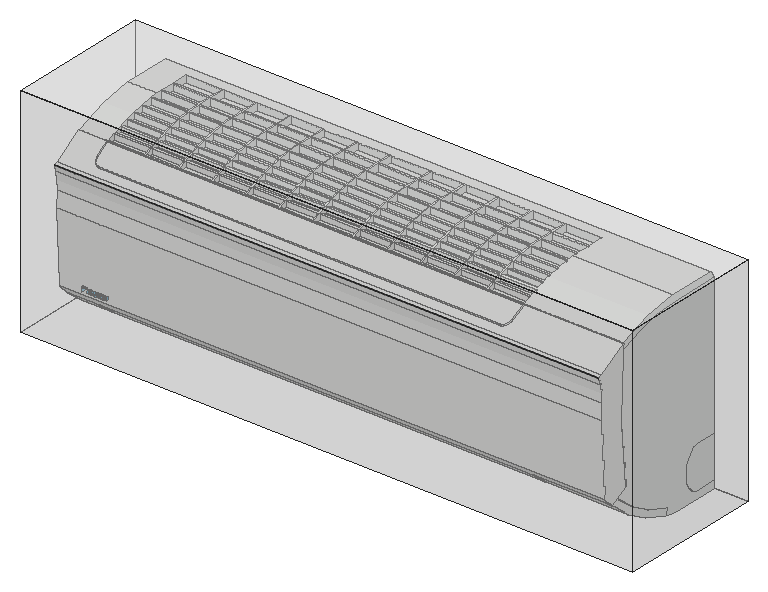
Revit family "outputfile", category 機械設備, Revit 2024 (continued)
Definition of nested family "DAIKIN_indoorunit_FTV-PBV1MF9"
  Definition of nested family "daikin_logo_plane_w40"
    Automatic sketch dimensions
      Extrusion 1 sketch curve to Extrusion 1 sketch curve = 2.017 mm
      Extrusion 1 sketch curve to Extrusion 1 sketch curve = 0.78 mm  (x2)
      Extrusion 1 sketch curve to Extrusion 1 sketch curve = 1.743 mm
      Extrusion 1 sketch curve to Extrusion 1 sketch curve = 0.775 mm
      Extrusion 1 sketch curve to Extrusion 1 sketch curve = 0.552 mm
      Extrusion 1 sketch curve to Extrusion 1 sketch curve = 0.014 mm
      Extrusion 1 sketch curve to Extrusion 1 sketch curve = 0.952 mm
      Extrusion 1 sketch curve to Extrusion 1 sketch curve = 1.215 mm
      Extrusion 1 sketch curve to Extrusion 1 sketch curve = 0.108 mm
      plane 1 "Center (Front/Back)" to Extrusion 2 sketch curve = 0.0 mm
      Extrusion 2 sketch curve to plane 3 "Center (Left/Right)" = 19.0 mm
      Extrusion 2 sketch curve to plane 3 "Center (Left/Right)" = 14.765 mm
      Extrusion 2 sketch curve to Extrusion 2 sketch curve = 4.465 mm
      plane 1 "Center (Front/Back)" to Extrusion 2 sketch curve = 3.879 mm
      Extrusion 2 sketch curve to Extrusion 2 sketch curve = 4.12 mm
      plane 1 "Center (Front/Back)" to Extrusion 3 sketch curve = 0.0 mm
      Extrusion 3 sketch curve to plane 3 "Center (Left/Right)" = 19.0 mm
      Extrusion 3 sketch curve to plane 3 "Center (Left/Right)" = 14.765 mm
      plane 1 "Center (Front/Back)" to Extrusion 3 sketch curve = 3.879 mm
      Extrusion 1 sketch curve to plane 3 "Center (Left/Right)" = 11.211 mm
      Extrusion 1 sketch curve to Extrusion 1 sketch curve = 1.782 mm
Definition of nested family "daikin_connector_rotate3"
  Parameters (values of type "daikin_connector_rotate3")
    show [instance] = yes
    radius [instance] = 10.0 mm
    length [instance] = 600.0 mm
    angle_horizontal [instance] = 60.00°
    angle_vertical [instance] = 90.00°
    Default Elevation = 1219.2 mm
  Reference planes
    plane 1 "Center (Front/Back)": y = 0
    plane 2: z = 0
    plane 3 "Center (Left/Right)": x = 0
  Dimensions and locks
    "angle_horizontal": angle plane 3 "Center (Left/Right)" to nested 1
    aligned and locked: level to plane 2
    aligned and locked: plane 1 "Center (Front/Back)" to nested 1  (x2)
    aligned and locked: plane 3 "Center (Left/Right)" to nested 1
  Nested families
    nested 1: "daikin_connector_rotate2" at (0, 0, 0) x (0.5, 0.866, 0) z (0, 0, 1), angle_vertical <- "angle_vertical", length <- "length", radius <- "radius", type "daikin_connector_rotate2"
      with radius 10.0 mm, length 600.0 mm, angle_vertical 90.00°
  Definition of nested family "daikin_connector_rotate2"
    Parameters (values of type "daikin_connector_rotate2")
      show_face = yes
      radius [instance] = 10.0 mm
      length [instance] = 600.0 mm
      d_surface = 10.0 mm
      angle_vertical [instance] = 90.00°
      Default Elevation = 0.0 mm
    Reference planes
      plane 1 "Center (Front/Back)": y = 0
      plane 2: z = 0
      plane 3 "Center (Left/Right)": x = 0
    Forms (mm)
      Extrusion 1, solid, visible <- "show_face"
        sketch origin (0, -600, 0) x (1, 0, 0) y (0, 0, 1)
          loop
            circle (0, 0) r 10
        from 0 to -10
    Lines and regions (mm)
      reference lines
        curve 1: line (0, 0, 0) -> (0, -600, 0)
      symbolic lines
        curve 2: circle (0, 0, 0) r 5 normal (0, 0, 1)
      model lines, visible <- "show_face"
        curve 3: line (0, 0, 0) -> (0, -600, 0)
    Dimensions and locks
      "length": curve 1 to curve 1
      "length": curve 3 to curve 3
      "d_surface": Extrusion 1 to Extrusion 1
      "radius": radius of Extrusion 1 sketch curve
      "angle_vertical": angle curve 1 to plane 1 "Center (Front/Back)"
      "angle_vertical": angle curve 3 to plane 1 "Center (Front/Back)"
      aligned and locked: level to plane 2
      aligned and locked: plane 1 "Center (Front/Back)" to curve 1
      aligned and locked: plane 2 to curve 1
      aligned and locked: plane 1 "Center (Front/Back)" to curve 2
      aligned and locked: plane 3 "Center (Left/Right)" to curve 2
      aligned and locked: plane 1 "Center (Front/Back)" to curve 3
      aligned and locked: plane 2 to curve 3
      aligned and locked: Extrusion 1 to Extrusion 1
    Automatic sketch dimensions
      Extrusion 1 sketch curve to level = 0.0 mm
      Extrusion 1 sketch curve to plane 3 "Center (Left/Right)" = 0.0 mm
      radius of curve 2 = 5.0 mm
